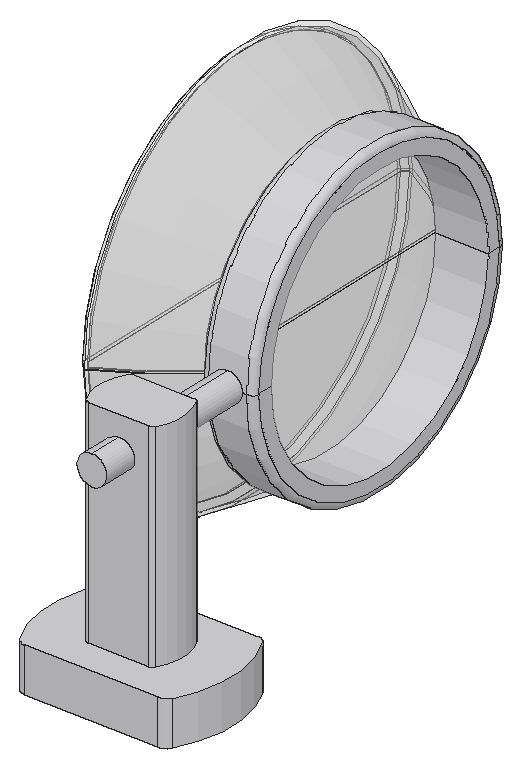
Revit family "01-2553-11 JABONERA VIDRIO METALICA (EVO) PORTOBELLO", category Plumbing Fixtures, host Face, Revit 2018
Family settings
  Host = Face
  Round Connector Dimension = Use Diameter
  Part Type = Normal
  OmniClass Number = 23.31.11.00
  Cut with Voids When Loaded = No
  Shared = No
  Room Calculation Point = No
Parameters (values of type "01-2553-11")
  Waste Water Outlet = ""
  Metal laton cromado = Metal Laton Cromado
  Link Ficha Tecnica = "http://infotecnica.gricol.com/FT_01255311.pdf"
  Waste Connection = 1 = 0  # no
  Vent Connection = 1 = 0  # no
  URL = "https://www.gricol.com/"
  Type Image = JABONERA VIDRIO METALICA PORTOBELLO.JPG
  Product Name = "JABONERA VIDRIO METALICA (EVO) PORTOBELLO\r\r"  # constant formula
  Ancho Soporte = 33.0 mm
  Alto jabonera = 37.0 mm
  Alto Soporte = 48.5 mm
  Vidrio esmerilado = Vidrio Esmerilado
  Model = "01-2553-11"  # constant formula
  Manufacturer = "Gricol"  # constant formula
  HW Connection = 1 = 1  # yes
  Description = "Jabonera"  # constant formula
  Default Elevation = 0.0 mm
  Date Modified = ""
  Date Created = "05/28/2020"  # constant formula
  Copyright = "All rights reserved © Gricol - 2020."  # constant formula
  CW Connection = 1 = 1  # yes
  Assembly Code = ""
  Diametro = 109.0 mm
  Alto brazo = 69.0 mm
Reference planes
  plane 1 "Center (Front/Back)": y = 0
  plane 2: z = 0
  plane 3 "Center (Left/Right)": x = 0
  plane 4: z = 69
  plane 5: z = 114.22
  plane 6: z = 5.22
  plane 7: x = 24.25
  plane 8: x = -24.25
  plane 9: y = -16.5
  plane 10: y = 16.5
  plane 11: x = 7.069
  plane 12: x = -29.931
Dimensions and locks
  "Alto brazo": plane 4 to level
  "Diametro": plane 5 to plane 6
  "Alto Soporte": plane 7 to plane 8
  "Ancho Soporte": plane 10 to plane 9
  "Alto jabonera": plane 12 to plane 11
  aligned and locked: plane 2 to host face
  aligned and locked: level to host face
Automatic sketch dimensions
  host sketch curve to host sketch curve = 258.613 mm
  host sketch curve to host sketch curve = 226.292 mm
Nested families
  nested 1: "JABONERA VIDRIO METALICA (EVO) PORTOBELLO" at (0, 0, 0) x (0, -1, 0) z (0, 0, 1), type "JABONERA VIDRIO METALICA (EVO) PORTOBELLO"
Definition of nested family "JABONERA VIDRIO METALICA (EVO) PORTOBELLO"
  Parameters (values of type "JABONERA VIDRIO METALICA (EVO) PORTOBELLO")
    Profundidad soporte = 75.0 mm
    Diametro = 109.0 mm
    Ancho soporte = 22.0 mm
    Alto soporte = 22.0 mm
    Alto jabonera = 37.0 mm
  Reference planes
    plane 1 "Center (Front/Back)": y = 0
    plane 2: z = 0
    plane 3 "Center (Left/Right)": x = 0
    plane 4: z = 69
    plane 5: z = 114.22
    plane 6: z = 5.22
    plane 7: y = 7.069
    plane 8: y = -29.931
    plane 9: z = 59.731
  Forms (mm)
    Revolve 1, solid
      sketch origin (0, 7.069, 59.731) x (1, 0, 0) y (0, 1, 0)
        loop
          line (-17.98, -37) -> (-15.828, -34.848)
          arc (-15.828, -34.848) -> (-22.333, -23.829) -> (-30.44, -13.928) r 83.794
          line (-30.44, -13.928) -> (-70.328, -13.928) -> (-70.328, -14.928) -> (-30.87, -14.928)
          arc (-30.87, -14.928) -> (-23.236, -24.283) -> (-17.044, -34.649) r 82.794
          line (-17.044, -34.649) -> (-18.394, -36) -> (-70.328, -36) -> (-70.328, -37) -> (-17.98, -37)
        axis (-70.328, -37) -> (-70.328, -13.928)
      angle from 0 to 360
    Revolve 2, solid
      sketch origin (0, 0.714, 59.731) x (1, 0, 0) y (0, 1, 0)
        loop
          line (-34.12, -7.573) -> (-30.364, -7.573)
          arc (-30.364, -7.573) -> (-29.031, -7.021) -> (-28.479, -5.688) r 1.885
          line (-28.479, -5.688) -> (-28.479, 4.47)
          arc (-28.479, 4.47) -> (-29.031, 5.803) -> (-30.364, 6.355) r 1.885
          line (-30.364, 6.355) -> (-34.12, 6.355) -> (-34.12, -7.573)
        axis (-70.328, -7.573) -> (-70.328, 6.355)
      angle from 0 to 360
    Extrusion 3, solid
      sketch origin (0, 4.697, 59.844) x (0, 0, 1) y (0, -1, 0)
        loop
          circle (-0.113, 4.592) r 3.95
      from 16.5 to -28.491
    Extrusion 4, solid
      sketch origin (-12.885, 20.296, 0) x (1, 0, 0) y (0, 1, 0)
        loop
          arc (-3.615, -37.949) -> (-3.211, -39.453) -> (-2.107, -40.552) r 3
          arc (-2.107, -40.552) -> (12.885, -44.546) -> (27.878, -40.552) r 30.134
          arc (27.878, -40.552) -> (28.981, -39.453) -> (29.385, -37.949) r 3
          line (29.385, -37.949) -> (29.385, -2.643)
          arc (29.385, -2.643) -> (28.981, -1.139) -> (27.878, -0.041) r 3
          arc (27.878, -0.041) -> (12.885, 3.954) -> (-2.107, -0.041) r 30.134
          arc (-2.107, -0.041) -> (-3.211, -1.139) -> (-3.615, -2.643) r 3
          line (-3.615, -2.643) -> (-3.615, -37.949)
      from 0 to 11.787
    Extrusion 5, solid
      sketch origin (-12.885, 20.296, 0) x (1, 0, 0) y (0, 1, 0)
        loop
          arc (5.401, -28.304) -> (5.584, -28.986) -> (6.085, -29.484) r 1.361
          arc (6.085, -29.484) -> (12.885, -31.296) -> (19.686, -29.484) r 13.669
          arc (19.686, -29.484) -> (20.186, -28.986) -> (20.369, -28.304) r 1.361
          line (20.369, -28.304) -> (20.369, -12.289)
          arc (20.369, -12.289) -> (20.186, -11.607) -> (19.686, -11.108) r 1.361
          arc (19.686, -11.108) -> (12.885, -9.296) -> (6.085, -11.108) r 13.669
          arc (6.085, -11.108) -> (5.584, -11.607) -> (5.401, -12.289) r 1.361
          line (5.401, -12.289) -> (5.401, -28.304)
      from 11.787 to 69
  Dimensions and locks
    Revolve 1 sketch curve to Revolve 1 sketch curve = 54.5 mm
    level to plane 4 = 69.0 mm
    locked: plane 8 to plane 7 at 37
    plane 4 to level = 69.0 mm
    plane 7 to plane 8 = 37.0 mm
    locked: plane 5 to plane 6 at 109
    aligned and locked: level to plane 2
